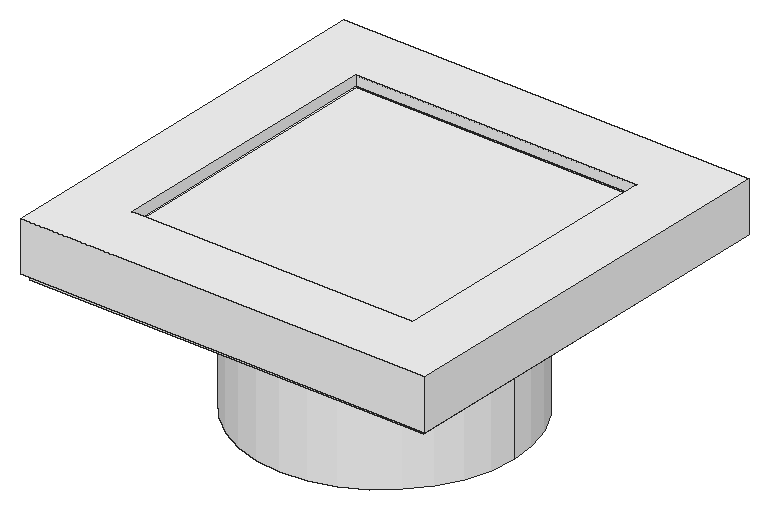
Revit family "Gira_291803", category Electrical Fixtures, host Face, Revit 2017
Family settings
  Host = Face
  Maintain Annotation Orientation = Yes
  Round Connector Dimension = Use Diameter
  Part Type = Normal
  Cut with Voids When Loaded = No
  Shared = No
  Room Calculation Point = No
Parameters (values of type "UPS emergency set System 55 p.white")
  White [instance] = White
  URL = "http://katalog.gira.de/en/datenblatt.html?artikelnr=291803"
  Type of power supply = "External"
  Suitable for bus connection = "None"
  Name = "UPS emergency set System 55 p.white"
  Model = "Power adaptor"
  Manufacturer URL = "https://www.gira.de/"
  Manufacturer = "Gira"
  HeinzeBIM = "https://bimportal.heinze.de/bim/ups-emergency-set-system-55-p-white/1c60dd16596e1c08c950d56eb1b089007df031dc"
  HAN = "291803"
  GTIN = "4010337011767"
  Description = "UPS emerg.set Sys55 PW,UPS for the emergency set,,pure white glossy,Features:,- Uninterruptible power supply for the Gira emergency set.,- With drop failure of the mains input voltage, the connected load continues to be supplied via the battery without interruption.,- When the mains input voltage increases again or is applied, the battery is disconnected from the load and recharged in normal mains operation.,- The operating states UPS active\" or \"Battery defective\" can be signalled via the signal contact (M).,,Notes :,- For installations pursuant to DIN 0834.,- DIN 0834 prescribes the replacement of components with limited service lives (battery) once annually.,- Please observe the regulations on the disposal of used batteries.\""
  Default Elevation = 1219.2 mm
  Data sheet (1) = "https://katalog.gira.de/en/download.html?artikelnr=291803"
  Category = "System device clinic-installation"
  BIM (1) = "https://media.stage.bim.site/public/gira/36a6b08/Sys55_Komplettgerät_Schalten und Tasten.rfa?public/gira/36a6b08/Sys55_Komplettgerät_Schalten und Tasten.rfa"
  Available = "No"
  Assembly arrangement = "Basic element"
Reference planes
  plane 1 "Center (Front/Back)": y = 0
  plane 2: z = 0
  plane 3 "Center (Left/Right)": x = 0
Forms (mm)
  Extrusion 1, solid, material "White" <- "White", detail levels medium
    sketch origin (0, 0, 0) x (1, 0, 0) y (0, 1, 0)
      loop
        line (-40.4, 40.4) -> (-40.4, -40.4) -> (40.4, -40.4) -> (40.4, 40.4) -> (-40.4, 40.4)
      loop
        line (-28, 28) -> (-28, -28) -> (28, -28) -> (28, 28) -> (-28, 28)
    from 0 to 10
  Extrusion 2, solid, material "White" <- "White", detail levels fine
    sketch origin (0, 0, 0) x (1, 0, 0) y (0, 1, 0)
      loop
        line (-40.4, 40.4) -> (-40.4, -40.4) -> (40.4, -40.4) -> (40.4, 40.4) -> (-40.4, 40.4)
      loop
        line (-28, 28) -> (-28, -28) -> (28, -28) -> (28, 28) -> (-28, 28)
    from 0 to 10
  Extrusion 3, void
    sketch origin (0, 0, 0) x (1, 0, 0) y (0, 1, 0)
      loop
        line (-38.4, 38.4) -> (-38.4, -38.4) -> (38.4, -38.4) -> (38.4, 38.4) -> (-38.4, 38.4)
    from 0 to 8
  Extrusion 4, solid, material "White" <- "White", detail levels medium+fine
    sketch origin (0, 0, 0) x (1, 0, 0) y (0, 1, 0)
      loop
        line (-39.4, 39.4) -> (-39.4, -39.4) -> (39.4, -39.4) -> (39.4, 39.4) -> (-39.4, 39.4)
    from 0 to -1
  Extrusion 5, solid, material "White" <- "White", detail levels medium+fine
    sketch origin (0, 0, 0) x (1, 0, 0) y (0, 1, 0)
      loop
        line (-35.5, 35.5) -> (-35.5, -35.5) -> (35.5, -35.5) -> (35.5, 35.5) -> (-35.5, 35.5)
    from -2 to -3
  Extrusion 6, solid, material "White" <- "White", detail levels medium+fine
    sketch origin (0, 0, 0) x (1, 0, 0) y (0, 1, 0)
      loop
        circle (0, 0) r 26
    from 0 to -27.5
  Extrusion 7, solid, material "White" <- "White", detail levels coarse
    sketch origin (0, 0, 0) x (1, 0, 0) y (0, 1, 0)
      loop
        line (-40.4, 40.4) -> (-40.4, -40.4) -> (40.4, -40.4) -> (40.4, 40.4) -> (-40.4, 40.4)
    from -27.5 to 10
Cuts and joins
  Extrusion 3 cuts Extrusion 2
Dimensions and locks
  aligned and locked: plane 2 to host face
  aligned and locked: level to host face
  aligned and locked: plane 3 "Center (Left/Right)" to nested 2
  aligned and locked: plane 1 "Center (Front/Back)" to nested 2
Nested families
  nested 1: "Sys55_Abdeckung_Schalten und Tasten_floor_base" at (0, 0, 0), type "Sys55_Abdeckung_Schalten und Tasten_floor_base"
  nested 2: "Schalter" at (0, 0, 0), type "Schalter"
Connectors
  electrical at (0, 0, -27.5)
    settings: on Extrusion 6, index 1, voltage 220 V, apparent load 0 VA, apparent load phase1 0 VA, apparent load phase2 0 VA, apparent load phase3 0 VA, power factor 1, load classification "Other", number of poles 1, system type 30, power factor state 1, is connector primary yes, connector utility no, sub classification motor no, connector description ""
Definition of nested family "Sys55_Abdeckung_Schalten und Tasten_floor_base"
  Parameters
    Default Elevation = 1219.2 mm
    White [instance] = none
  Reference planes
    plane 1 "Center (Front/Back)": y = 0
    plane 2: z = 0
    plane 3 "Center (Left/Right)": x = 0
  Forms (mm)
    Extrusion 1, solid
      sketch origin (0, 0, 0) x (1, 0, 0) y (0, 1, 0)
        loop
          line (-1219.2, 1219.2) -> (-1219.2, -1219.2) -> (1219.2, -1219.2) -> (1219.2, 1219.2) -> (-1219.2, 1219.2)
      from 0 to -304.8
    Extrusion 2, solid, material <- "White", detail levels fine
      sketch origin (0, 0, 0) x (1, 0, 0) y (0, 1, 0)
        loop
          line (-27.5, 27.5) -> (-27.5, -27.5) -> (27.5, -27.5) -> (27.5, 27.5) -> (-27.5, 27.5)
      from 0 to 8
    Extrusion 3, void
      sketch origin (0, 0, 0) x (1, 0, 0) y (0, 1, 0)
        loop
          line (26, 26) -> (-26, 26) -> (-26, -26) -> (26, -26) -> (26, 26)
      from 0 to 6
    Extrusion 4, solid, material <- "White", detail levels medium
      sketch origin (0, 0, 0) x (1, 0, 0) y (0, 1, 0)
        loop
          line (-27.5, 27.5) -> (-27.5, -27.5) -> (27.5, -27.5) -> (27.5, 27.5) -> (-27.5, 27.5)
      from 0 to 8
    Extrusion 5, solid, material <- "White", detail levels medium
      sketch origin (0, 0, 0) x (1, 0, 0) y (0, 1, 0)
        loop
          line (11, -17.5) -> (11, 17.5) -> (-11, 17.5) -> (-11, -17.5) -> (11, -17.5)
      from -6 to 6
    Extrusion 6, solid, material <- "White", detail levels fine
      sketch origin (0, 0, 0) x (1, 0, 0) y (0, 1, 0)
        loop
          line (11, 17.5) -> (-11, 17.5) -> (-11, 16.5) -> (11, 16.5) -> (11, 17.5)
        loop
          line (-11, -16.5) -> (-11, -17.5) -> (11, -17.5) -> (11, -16.5) -> (-11, -16.5)
      from -4 to 6
    Extrusion 7, solid, material <- "White", detail levels fine
      sketch origin (0, 0, 0) x (1, 0, 0) y (0, 1, 0)
        loop
          arc (5, 9.347) -> (0, 10.6) -> (-5, 9.347) r 10.6
          line (-5, 9.347) -> (-5, -9.347)
          arc (-5, -9.347) -> (0, -10.6) -> (5, -9.347) r 10.6
          line (5, -9.347) -> (5, 9.347)
      from -6 to 6
    Extrusion 8, solid, material <- "White", detail levels coarse
      sketch origin (0, 0, 0) x (1, 0, 0) y (0, 1, 0)
        loop
          line (-27.5, 27.5) -> (-27.5, -27.5) -> (27.5, -27.5) -> (27.5, 27.5) -> (-27.5, 27.5)
      from -6 to 8
  Cuts and joins
    Extrusion 3 cuts Extrusion 2
  Dimensions and locks
    aligned and locked: plane 2 to Extrusion 1
    aligned and locked: level to Extrusion 1
Definition of nested family "Schalter"
  Reference planes
    plane 1: y = 0
    plane 2: x = 0
  Lines and regions (mm)
    detail lines
      curve 1: circle (1.375, 2.778, 0) r 0.8 normal (0, 0, 1)
      curve 2: line (1.021, 2.061, 0) -> (0, 0, 0)
      curve 3: line (0, 0, 0) -> (-0.538, 0.266, 0)
  Dimensions and locks
    curve 2 to curve 2 = 2.3 mm
    curve 3 to curve 2 = 0.6 mm
    radius of curve 1 = 0.8 mm
